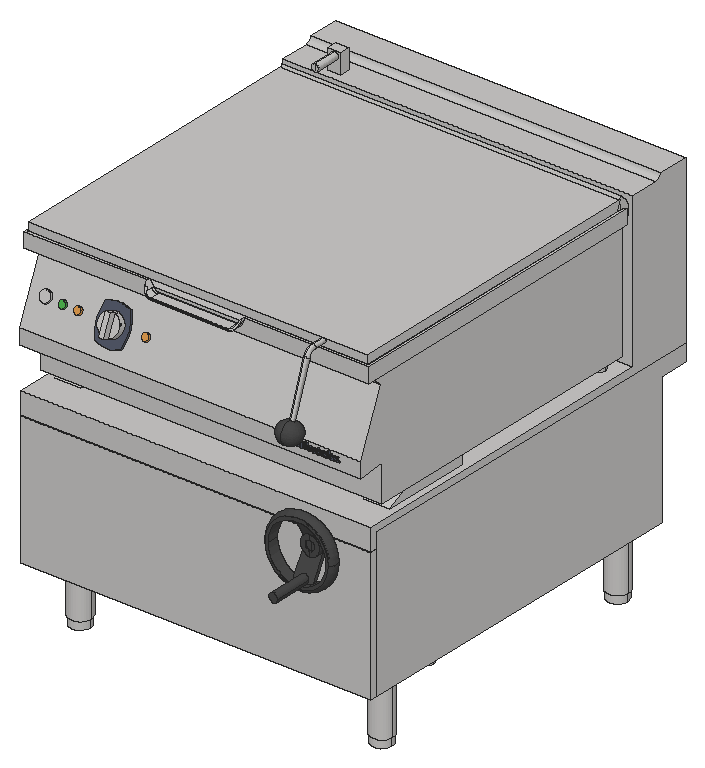
Revit family "QF_ELECTROLUXPROFESSIONAL_391145_E9BREHDOF0", category Specialty Equipment, Revit 2018 (continued)
Automatic sketch dimensions
  Extrusion 36 sketch curve to Extrusion 36 sketch curve = 0.343 mm
  Extrusion 36 sketch curve to Extrusion 36 sketch curve = 0.159 mm
  Extrusion 36 sketch curve to Extrusion 36 sketch curve = 0.826 mm
  Extrusion 36 sketch curve to Extrusion 36 sketch curve = 0.839 mm
  Extrusion 36 sketch curve to Extrusion 36 sketch curve = 0.852 mm
  Extrusion 36 sketch curve to Extrusion 36 sketch curve = 0.887 mm
  Extrusion 36 sketch curve to Extrusion 36 sketch curve = 0.928 mm
  Extrusion 36 sketch curve to Extrusion 36 sketch curve = 0.938 mm
  Extrusion 36 sketch curve to Extrusion 36 sketch curve = 0.444 mm
  Extrusion 36 sketch curve to Extrusion 36 sketch curve = 1.11 mm  (x3)
  plane 17 to Extrusion 36 sketch curve = 13.851 mm
  Extrusion 36 sketch curve to Extrusion 36 sketch curve = 0.215 mm
  Extrusion 36 sketch curve to Extrusion 36 sketch curve = 1.43 mm
  Extrusion 36 sketch curve to Extrusion 36 sketch curve = 1.188 mm
  Extrusion 36 sketch curve to Extrusion 36 sketch curve = 1.21 mm  (x2)
  Extrusion 36 sketch curve to Extrusion 36 sketch curve = 0.503 mm
  plane 17 to Extrusion 36 sketch curve = 8.582 mm
  Extrusion 36 sketch curve to Extrusion 36 sketch curve = 0.488 mm
  plane 17 to Extrusion 36 sketch curve = 4.655 mm
  Extrusion 36 sketch curve to Extrusion 36 sketch curve = 0.462 mm
  Extrusion 36 sketch curve to Extrusion 36 sketch curve = 1.386 mm
  Extrusion 36 sketch curve to Extrusion 36 sketch curve = 1.742 mm
  Extrusion 36 sketch curve to Extrusion 36 sketch curve = 0.821 mm
  Extrusion 36 sketch curve to Extrusion 36 sketch curve = 0.497 mm
  Extrusion 36 sketch curve to Extrusion 36 sketch curve = 0.539 mm
  Extrusion 36 sketch curve to Extrusion 36 sketch curve = 0.686 mm
  Extrusion 36 sketch curve to Extrusion 36 sketch curve = 0.408 mm
  Extrusion 36 sketch curve to Extrusion 36 sketch curve = 0.528 mm
  Extrusion 36 sketch curve to Extrusion 36 sketch curve = 1.16 mm
  Extrusion 36 sketch curve to Extrusion 36 sketch curve = 0.329 mm
  Extrusion 36 sketch curve to Extrusion 36 sketch curve = 1.054 mm
  Extrusion 36 sketch curve to Extrusion 36 sketch curve = 1.056 mm
  Extrusion 36 sketch curve to Extrusion 36 sketch curve = 0.129 mm
  Extrusion 36 sketch curve to Extrusion 36 sketch curve = 0.489 mm
  Extrusion 36 sketch curve to Extrusion 36 sketch curve = 0.441 mm
  Extrusion 36 sketch curve to Extrusion 36 sketch curve = 1.151 mm
  Extrusion 36 sketch curve to Extrusion 36 sketch curve = 1.141 mm  (x2)
  Extrusion 36 sketch curve to Extrusion 36 sketch curve = 0.768 mm
  Extrusion 36 sketch curve to Extrusion 36 sketch curve = 1.653 mm
  Extrusion 36 sketch curve to Extrusion 36 sketch curve = 0.499 mm
  Extrusion 36 sketch curve to Extrusion 36 sketch curve = 0.964 mm
  Extrusion 36 sketch curve to Extrusion 36 sketch curve = 0.949 mm
  Extrusion 36 sketch curve to Extrusion 36 sketch curve = 1.345 mm  (x3)
  Extrusion 36 sketch curve to Extrusion 36 sketch curve = 1.101 mm
  Extrusion 36 sketch curve to Extrusion 36 sketch curve = 0.432 mm
  Extrusion 36 sketch curve to Extrusion 36 sketch curve = 1.142 mm
  Extrusion 36 sketch curve to Extrusion 36 sketch curve = 0.959 mm
  Extrusion 36 sketch curve to Extrusion 36 sketch curve = 0.176 mm
  Extrusion 36 sketch curve to Extrusion 36 sketch curve = 0.728 mm
  Extrusion 36 sketch curve to Extrusion 36 sketch curve = 3.375 mm  (x2)
  Extrusion 36 sketch curve to Extrusion 36 sketch curve = 0.541 mm
  Extrusion 36 sketch curve to Extrusion 36 sketch curve = 0.955 mm
  Extrusion 36 sketch curve to Extrusion 36 sketch curve = 1.251 mm
  Extrusion 36 sketch curve to Extrusion 36 sketch curve = 0.572 mm
  plane 17 to Extrusion 36 sketch curve = 9.958 mm
  Extrusion 36 sketch curve to Extrusion 36 sketch curve = 1.92 mm
  Extrusion 36 sketch curve to Extrusion 36 sketch curve = 1.224 mm
  Extrusion 36 sketch curve to Extrusion 36 sketch curve = 0.745 mm
  Extrusion 36 sketch curve to Extrusion 36 sketch curve = 2.537 mm
  Extrusion 36 sketch curve to Extrusion 36 sketch curve = 0.896 mm  (x3)
  Extrusion 36 sketch curve to Extrusion 36 sketch curve = 0.036 mm
  Extrusion 36 sketch curve to Extrusion 36 sketch curve = 2.607 mm
  Extrusion 36 sketch curve to Extrusion 36 sketch curve = 0.066 mm
  Extrusion 36 sketch curve to Extrusion 36 sketch curve = 0.248 mm
  Extrusion 36 sketch curve to Extrusion 36 sketch curve = 0.449 mm
  plane 17 to Extrusion 36 sketch curve = 10.739 mm
  Extrusion 36 sketch curve to Extrusion 36 sketch curve = 1.052 mm
  Extrusion 36 sketch curve to Extrusion 36 sketch curve = 1.863 mm
  Extrusion 36 sketch curve to Extrusion 36 sketch curve = 1.31 mm  (x2)
  Extrusion 36 sketch curve to Extrusion 36 sketch curve = 0.901 mm
  Extrusion 36 sketch curve to Extrusion 36 sketch curve = 1.107 mm
  Extrusion 36 sketch curve to Extrusion 36 sketch curve = 2.122 mm
  Extrusion 36 sketch curve to Extrusion 36 sketch curve = 2.101 mm
  Extrusion 36 sketch curve to Extrusion 36 sketch curve = 0.106 mm
  Extrusion 36 sketch curve to Extrusion 36 sketch curve = 0.029 mm
  plane 17 to Extrusion 36 sketch curve = 7.936 mm
  Extrusion 36 sketch curve to Extrusion 36 sketch curve = 2.09 mm
  Extrusion 36 sketch curve to Extrusion 36 sketch curve = 1.279 mm
  Extrusion 36 sketch curve to Extrusion 36 sketch curve = 2.008 mm
  Extrusion 36 sketch curve to Extrusion 36 sketch curve = 0.738 mm
  Extrusion 36 sketch curve to Extrusion 36 sketch curve = 0.382 mm
  Extrusion 36 sketch curve to Extrusion 36 sketch curve = 0.384 mm
  Extrusion 36 sketch curve to Extrusion 36 sketch curve = 0.002 mm
  Extrusion 36 sketch curve to Extrusion 36 sketch curve = 0.561 mm
  Extrusion 36 sketch curve to Extrusion 36 sketch curve = 0.592 mm
  Extrusion 36 sketch curve to Extrusion 36 sketch curve = 2.692 mm
  Extrusion 36 sketch curve to Extrusion 36 sketch curve = 1.259 mm
  plane 17 to Extrusion 36 sketch curve = 8.718 mm
  Extrusion 36 sketch curve to Extrusion 36 sketch curve = 0.802 mm
  Extrusion 36 sketch curve to Extrusion 36 sketch curve = 1.024 mm  (x2)
  Extrusion 36 sketch curve to Extrusion 36 sketch curve = 0.682 mm
  Extrusion 36 sketch curve to Extrusion 36 sketch curve = 5.934 mm
  Extrusion 36 sketch curve to Extrusion 36 sketch curve = 2.186 mm
  Extrusion 36 sketch curve to Extrusion 36 sketch curve = 0.337 mm
  Extrusion 36 sketch curve to Extrusion 36 sketch curve = 0.021 mm
  Extrusion 36 sketch curve to Extrusion 36 sketch curve = 1.005 mm
  Extrusion 36 sketch curve to Extrusion 36 sketch curve = 0.552 mm
  Extrusion 36 sketch curve to Extrusion 36 sketch curve = 0.778 mm
  Extrusion 36 sketch curve to Extrusion 36 sketch curve = 0.063 mm
  Extrusion 36 sketch curve to Extrusion 36 sketch curve = 1.023 mm
  Extrusion 36 sketch curve to Extrusion 36 sketch curve = 3.804 mm
  Extrusion 36 sketch curve to Extrusion 36 sketch curve = 0.486 mm
  Extrusion 36 sketch curve to Extrusion 36 sketch curve = 0.266 mm
  Extrusion 36 sketch curve to Extrusion 36 sketch curve = 1.547 mm
  Extrusion 36 sketch curve to Extrusion 36 sketch curve = 0.717 mm  (x2)
  Extrusion 36 sketch curve to Extrusion 36 sketch curve = 1.667 mm
  plane 17 to Extrusion 36 sketch curve = 13.045 mm
  Extrusion 36 sketch curve to Extrusion 36 sketch curve = 3.174 mm
  Extrusion 36 sketch curve to Extrusion 36 sketch curve = 0.388 mm
  Extrusion 36 sketch curve to Extrusion 36 sketch curve = 1.342 mm
  plane 17 to Extrusion 36 sketch curve = 7.442 mm
  Extrusion 36 sketch curve to Extrusion 36 sketch curve = 1.521 mm
  plane 17 to Extrusion 36 sketch curve = 5.883 mm
  Extrusion 36 sketch curve to Extrusion 36 sketch curve = 0.124 mm
  Extrusion 36 sketch curve to Extrusion 36 sketch curve = 0.291 mm
  plane 17 to Extrusion 36 sketch curve = 50.292 mm
  Extrusion 36 sketch curve to Extrusion 36 sketch curve = 1.049 mm  (x2)
  plane 17 to Extrusion 36 sketch curve = 9.909 mm
  Extrusion 36 sketch curve to Extrusion 36 sketch curve = 1.7 mm
  Extrusion 36 sketch curve to Extrusion 36 sketch curve = 0.894 mm
  Extrusion 36 sketch curve to Extrusion 36 sketch curve = 0.989 mm
  Extrusion 36 sketch curve to Extrusion 36 sketch curve = 1.168 mm
  Extrusion 36 sketch curve to Extrusion 36 sketch curve = 1.594 mm
  Extrusion 36 sketch curve to Extrusion 36 sketch curve = 0.731 mm
  Extrusion 36 sketch curve to Extrusion 36 sketch curve = 1.566 mm
  Extrusion 36 sketch curve to Extrusion 36 sketch curve = 0.064 mm
  plane 17 to Extrusion 36 sketch curve = 49.735 mm
  Extrusion 36 sketch curve to Extrusion 36 sketch curve = 0.556 mm
  Extrusion 36 sketch curve to Extrusion 36 sketch curve = 0.48 mm
  Extrusion 36 sketch curve to Extrusion 36 sketch curve = 1.018 mm
  plane 17 to Extrusion 36 sketch curve = 20.148 mm
  Extrusion 36 sketch curve to Extrusion 36 sketch curve = 0.787 mm
  Extrusion 36 sketch curve to Extrusion 36 sketch curve = 0.618 mm
  plane 17 to Extrusion 36 sketch curve = 15.091 mm
  Extrusion 36 sketch curve to Extrusion 36 sketch curve = 1.672 mm
  plane 17 to Extrusion 36 sketch curve = 4.14 mm
  Extrusion 36 sketch curve to Extrusion 36 sketch curve = 1.361 mm
  Extrusion 36 sketch curve to Extrusion 36 sketch curve = 0.822 mm
  Extrusion 36 sketch curve to Extrusion 36 sketch curve = 0.069 mm
  Extrusion 36 sketch curve to Extrusion 36 sketch curve = 1.88 mm
  plane 17 to Extrusion 36 sketch curve = 22.307 mm
  Extrusion 36 sketch curve to Extrusion 36 sketch curve = 0.42 mm
  Extrusion 36 sketch curve to Extrusion 36 sketch curve = 0.062 mm
  Extrusion 36 sketch curve to Extrusion 36 sketch curve = 1.355 mm
  Extrusion 36 sketch curve to Extrusion 36 sketch curve = 2.34 mm
  Extrusion 36 sketch curve to Extrusion 36 sketch curve = 0.493 mm
  Extrusion 36 sketch curve to Extrusion 36 sketch curve = 0.136 mm
  Extrusion 36 sketch curve to Extrusion 36 sketch curve = 0.128 mm
  Extrusion 36 sketch curve to Extrusion 36 sketch curve = 3.616 mm
  Extrusion 36 sketch curve to Extrusion 36 sketch curve = 4.207 mm
  Extrusion 36 sketch curve to Extrusion 36 sketch curve = 0.183 mm
  Extrusion 36 sketch curve to Extrusion 36 sketch curve = 0.895 mm
  Extrusion 36 sketch curve to Extrusion 36 sketch curve = 1.314 mm
  Extrusion 36 sketch curve to Extrusion 36 sketch curve = 3.231 mm
  Extrusion 36 sketch curve to Extrusion 36 sketch curve = 1.299 mm
  Extrusion 36 sketch curve to Extrusion 36 sketch curve = 1.214 mm
  plane 17 to Extrusion 36 sketch curve = 31.208 mm
  Extrusion 36 sketch curve to Extrusion 36 sketch curve = 1.264 mm
  Extrusion 36 sketch curve to Extrusion 36 sketch curve = 0.109 mm
  Extrusion 36 sketch curve to Extrusion 36 sketch curve = 0.357 mm
  Extrusion 36 sketch curve to Extrusion 36 sketch curve = 0.565 mm
  Extrusion 36 sketch curve to Extrusion 36 sketch curve = 2.504 mm
  Extrusion 36 sketch curve to Extrusion 36 sketch curve = 2.459 mm
  Extrusion 36 sketch curve to Extrusion 36 sketch curve = 0.983 mm
  Extrusion 36 sketch curve to Extrusion 36 sketch curve = 0.422 mm  (x2)
  Extrusion 36 sketch curve to Extrusion 36 sketch curve = 1.268 mm
  Extrusion 36 sketch curve to Extrusion 36 sketch curve = 0.671 mm
  Extrusion 36 sketch curve to Extrusion 36 sketch curve = 1.634 mm
  Extrusion 36 sketch curve to Extrusion 36 sketch curve = 0.132 mm
  Extrusion 36 sketch curve to Extrusion 36 sketch curve = 0.586 mm
  Extrusion 36 sketch curve to Extrusion 36 sketch curve = 1.241 mm
  Extrusion 36 sketch curve to Extrusion 36 sketch curve = 1.689 mm
  Extrusion 36 sketch curve to Extrusion 36 sketch curve = 0.627 mm
  Extrusion 36 sketch curve to Extrusion 36 sketch curve = 0.419 mm
  Extrusion 36 sketch curve to Extrusion 36 sketch curve = 1.514 mm
  Extrusion 36 sketch curve to Extrusion 36 sketch curve = 1.019 mm
  Extrusion 36 sketch curve to Extrusion 36 sketch curve = 0.065 mm
  Extrusion 36 sketch curve to Extrusion 36 sketch curve = 1.215 mm
  Extrusion 36 sketch curve to Extrusion 36 sketch curve = 1.122 mm
  Extrusion 36 sketch curve to Extrusion 36 sketch curve = 1.153 mm
  Extrusion 36 sketch curve to Extrusion 36 sketch curve = 1.223 mm
  Extrusion 36 sketch curve to Extrusion 36 sketch curve = 0.934 mm
  Extrusion 36 sketch curve to Extrusion 36 sketch curve = 3.376 mm
  Extrusion 36 sketch curve to Extrusion 36 sketch curve = 0.222 mm
  Extrusion 36 sketch curve to Extrusion 36 sketch curve = 1.383 mm
  Extrusion 36 sketch curve to Extrusion 36 sketch curve = 1.556 mm
  Extrusion 36 sketch curve to Extrusion 36 sketch curve = 2.559 mm
  Extrusion 36 sketch curve to Extrusion 36 sketch curve = 2.51 mm
  Extrusion 36 sketch curve to Extrusion 36 sketch curve = 0.131 mm
  Extrusion 36 sketch curve to Extrusion 36 sketch curve = 1.134 mm
  Extrusion 36 sketch curve to Extrusion 36 sketch curve = 0.366 mm
  Extrusion 36 sketch curve to Extrusion 36 sketch curve = 0.094 mm
  Extrusion 36 sketch curve to Extrusion 36 sketch curve = 1.584 mm
  Extrusion 36 sketch curve to Extrusion 36 sketch curve = 1.501 mm
  Extrusion 36 sketch curve to Extrusion 36 sketch curve = 0.27 mm
  Extrusion 36 sketch curve to Extrusion 36 sketch curve = 1.808 mm
  Extrusion 36 sketch curve to Extrusion 36 sketch curve = 0.643 mm
  Extrusion 36 sketch curve to Extrusion 36 sketch curve = 0.916 mm
  Extrusion 36 sketch curve to Extrusion 36 sketch curve = 0.352 mm
  Extrusion 36 sketch curve to Extrusion 36 sketch curve = 0.458 mm
  Extrusion 36 sketch curve to Extrusion 36 sketch curve = 1.282 mm
  Extrusion 36 sketch curve to Extrusion 36 sketch curve = 1.363 mm
  Extrusion 36 sketch curve to Extrusion 36 sketch curve = 0.685 mm
  Extrusion 36 sketch curve to Extrusion 36 sketch curve = 0.905 mm
  Extrusion 36 sketch curve to Extrusion 36 sketch curve = 2.865 mm
  Extrusion 36 sketch curve to Extrusion 36 sketch curve = 0.472 mm
  Extrusion 36 sketch curve to Extrusion 36 sketch curve = 0.101 mm
  Extrusion 36 sketch curve to Extrusion 36 sketch curve = 0.54 mm
  Extrusion 36 sketch curve to Extrusion 36 sketch curve = 0.02 mm
  Extrusion 36 sketch curve to Extrusion 36 sketch curve = 0.468 mm
  Extrusion 36 sketch curve to Extrusion 36 sketch curve = 0.829 mm
  Extrusion 36 sketch curve to Extrusion 36 sketch curve = 0.582 mm
  Extrusion 36 sketch curve to Extrusion 36 sketch curve = 0.166 mm
  Extrusion 36 sketch curve to Extrusion 36 sketch curve = 0.16 mm
  Extrusion 36 sketch curve to Extrusion 36 sketch curve = 2.781 mm
  Extrusion 36 sketch curve to Extrusion 36 sketch curve = 1.118 mm
  Extrusion 36 sketch curve to Extrusion 36 sketch curve = 0.613 mm
  Extrusion 36 sketch curve to Extrusion 36 sketch curve = 0.781 mm
  Extrusion 36 sketch curve to Extrusion 36 sketch curve = 0.361 mm
  Extrusion 36 sketch curve to Extrusion 36 sketch curve = 0.897 mm
  Extrusion 36 sketch curve to Extrusion 36 sketch curve = 0.167 mm
  Extrusion 36 sketch curve to Extrusion 36 sketch curve = 0.292 mm
  Extrusion 36 sketch curve to Extrusion 36 sketch curve = 0.305 mm
  Extrusion 36 sketch curve to Extrusion 36 sketch curve = 1.557 mm
  Extrusion 36 sketch curve to Extrusion 36 sketch curve = 2.499 mm
  Extrusion 36 sketch curve to Extrusion 36 sketch curve = 3.062 mm
  Extrusion 36 sketch curve to Extrusion 36 sketch curve = 2.968 mm
  Extrusion 36 sketch curve to Extrusion 36 sketch curve = 5.044 mm
  Extrusion 36 sketch curve to Extrusion 36 sketch curve = 0.629 mm  (x2)
  Extrusion 36 sketch curve to Extrusion 36 sketch curve = 1.131 mm
  Extrusion 36 sketch curve to Extrusion 36 sketch curve = 0.137 mm
  Extrusion 36 sketch curve to Extrusion 36 sketch curve = 0.027 mm
  Extrusion 36 sketch curve to Extrusion 36 sketch curve = 2.046 mm
  Extrusion 36 sketch curve to Extrusion 36 sketch curve = 2.235 mm
  Extrusion 37 sketch curve to Sweep 5 = 0 mm  (x2)
  Extrusion 37 sketch curve to Sweep 5 = 0.006 mm
  Extrusion 37 sketch curve to Sweep 5 = 220 mm
  Sweep 5 to Extrusion 37 sketch curve = 0.004 mm
  Extrusion 37 sketch curve to Sweep 5 = 7.312 mm
  Sweep 5 to Extrusion 37 sketch curve = 12.672 mm
  Sweep 5 to Extrusion 37 sketch curve = 4.465 mm
  Extrusion 37 sketch curve to Extrusion 37 sketch curve = 14.214 mm
  Extrusion 37 sketch curve to Extrusion 37 sketch curve = 21.526 mm
  Sweep 5 to Extrusion 37 sketch curve = 12.678 mm
  Extrusion 37 sketch curve to Extrusion 37 sketch curve = 7.323 mm
  curve 67 to plane 7 "Center Y" = 104.586 mm
  curve 67 to curve 2 = 14.792 mm
  curve 2 to curve 60 = 54.848 mm
  curve 60 to curve 67 = 17.07 mm
  curve 67 to curve 1 = 11.572 mm
  curve 59 to curve 59 = 17.07 mm
  plane 15 to curve 12 = 62.192 mm
  plane 15 to curve 32 = 61.843 mm
  curve 13 to curve 26 = 5.816 mm
  curve 26 to curve 13 = 7.309 mm
  curve 6 to curve 11 = 4.184 mm
  Sweep 5 sketch curve to plane 7 "Center Y" = 110 mm
  curve 72 to plane 7 "Center Y" = 86.566 mm
  curve 72 to curve 71 = 11.953 mm
  curve 71 to curve 65 = 23.021 mm
  curve 62 to curve 61 = 17.109 mm
  curve 61 to curve 66 = 23.335 mm
  curve 61 to curve 64 = 5.786 mm  (x2)
  curve 66 to plane 5 "FRONT" = 8.041 mm
  plane 15 to curve 50 = 56.375 mm
  curve 50 to curve 49 = 16.25 mm
  Extrusion 24 sketch curve to plane 7 "Center Y" = 88.474 mm
  plane 15 to Extrusion 26 sketch curve = 117.656 mm
  Extrusion 26 sketch curve to Extrusion 26 sketch curve = 2.119 mm
  Extrusion 26 sketch curve to Extrusion 26 sketch curve = 28.523 mm
  Extrusion 26 sketch curve to Extrusion 26 sketch curve = 30.616 mm
  plane 15 to Extrusion 27 sketch curve = 67.623 mm
  plane 15 to Extrusion 28 sketch curve = 32.319 mm
  plane 15 to Extrusion 29 sketch curve = 147.917 mm
  Extrusion 32 sketch curve to plane 7 "Center Y" = 122.377 mm
  plane 9 "Base" to Revolve 1 sketch curve = 20 mm
  plane 9 "Base" to Revolve 2 sketch curve = 20 mm
  Revolve 13 sketch curve to Revolve 13 sketch curve = 20 mm
  plane 9 "Base" to Revolve 14 sketch curve = 20 mm
  plane 23 to Extrusion 7 sketch curve = 83.682 mm
  plane 23 to Extrusion 19 sketch curve = 83.682 mm
  radius of Extrusion 8 sketch curve = 15 mm  (x2)
  radius of Sweep 15 sketch curve = 5 mm
  radius of Extrusion 17 sketch curve = 12.7 mm
  radius of Extrusion 18 sketch curve = 30 mm
  radius of Sweep 21 sketch curve = 80 mm
  radius of Extrusion 23 sketch curve = 10 mm
  radius of Extrusion 27 sketch curve = 8 mm
  radius of Extrusion 28 sketch curve = 8 mm
  radius of Extrusion 29 sketch curve = 25.4 mm
  radius of Extrusion 30 sketch curve to Extrusion 29 = 0 mm  (x2)
  radius of Extrusion 31 sketch curve = 12.7 mm
  radius of Extrusion 32 sketch curve = 8 mm
  radius of Sweep 34 sketch curve = 5 mm
  radius of Extrusion 38 sketch curve = 9.525 mm
  radius of Extrusion 39 sketch curve = 6.35 mm
Connectors
  piping at (389, -760.182, 325), diameter 19
    settings: on Extrusion 38, index 1, connector inside diameter 0.74803", connector length 0 mm, flow factor 0, pipe flow 0 GPM, pressure drop 0.00 psi, fitting loss kfactor 0, connector angle 0.00°, fixture units 0, engagement length 0 mm, angle of deflection 0.00°, flow configuration 1, flow direction 1, fitting loss method 0, system type 20, joint type 0, gender type 0, connector reference index -1, connector utility 0, adjustable connector no, is connector primary yes, connector description "COLD WATER INLET"
  electrical at (340, -702.182, 220), driven by "Volts", driven by "Watts"
    settings: on Extrusion 39, index 2, voltage 400 V, apparent load 13000 VA, apparent load phase1 0 VA, apparent load phase2 0 VA, apparent load phase3 0 VA, power factor 1, load classification "Other", number of poles 1, system type 30, power factor state 1, is connector primary yes, connector utility no, sub classification motor no, connector description "ELECTRICAL CONNECTION"
